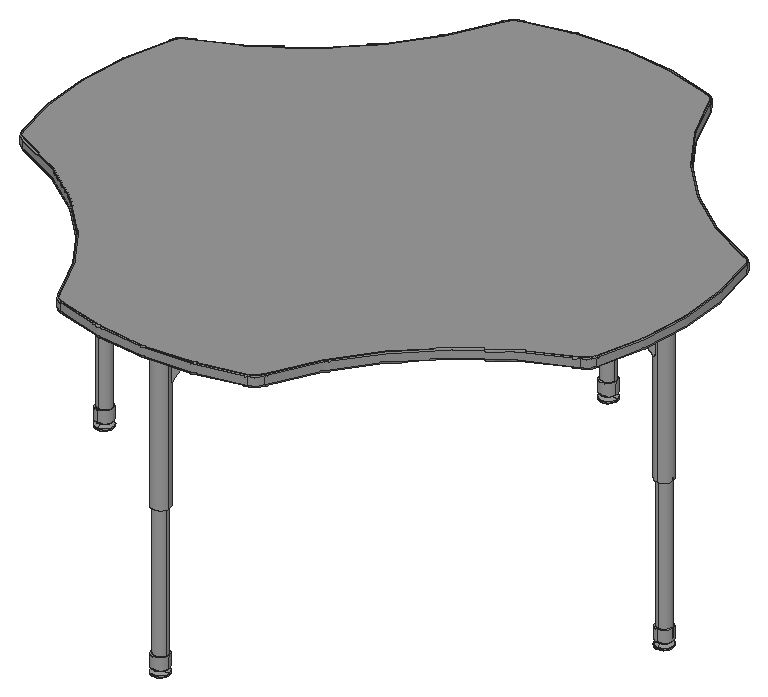
Revit family "Hierarchy Activity 60in Clover Table", category Furniture, Revit 2018
Family settings
  Work Plane-Based = No
  Always vertical = Yes
  Cut with Voids When Loaded = No
  Shared = No
  Room Calculation Point = No
Parameters
  Table Height = 2' - 5"
  Surface = Hierarchy Activity 60" Clover Table Surface
  Leg Finish = Hierarchy Leg Platinum
  Edgeband = Hierarchy Activity 60" Clover Table Edgeband
  Caster/Glide = Hierarchy Leg - Glide : Hierarchy Leg - Glide
Reference planes (in)
  plane 1 "Center (Front/Back)": y = 0
  plane 2: z = 0
  plane 3 "Center (Left/Right)": x = 0
  plane 4: z = 29
Dimensions and locks (in)
  "Table Height": plane 4 to level
  aligned and locked: plane 2 to level
  aligned and locked: nested 1 to plane 4
Nested families (in)
  nested 1: "Activity 60x60 Clover Tabletop" at (-0.44234, -0.13561, 5.075), type "Activity 60x60 Clover Tabletop"
  nested 2: "Hierarchy Leg - Glide" at (0, 27.75, 0), Leg Height <- "Table Height", type <- "Caster/Glide", Leg Finish <- "Leg Finish", type "Hierarchy Leg - Glide"
  nested 3: "Hierarchy Leg - Glide" at (27.75, 0, 0) x (0, -1, 0) z (0, 0, 1), Leg Height <- "Table Height", Leg Finish <- "Leg Finish", type "Hierarchy Leg - Glide"
    with Leg Height 2' - 5", Leg Finish Hierarchy Leg Platinum
  nested 4: "Hierarchy Leg - Glide" at (0, -27.75, 0) x (-1, 0, 0) z (0, 0, 1), Leg Height <- "Table Height", Leg Finish <- "Leg Finish", type "Hierarchy Leg - Glide"
    with Leg Height 2' - 5", Leg Finish Hierarchy Leg Platinum
  nested 5: "Hierarchy Leg - Glide" at (-27.75, 0, 0) x (0, 1, 0) z (0, 0, 1), Leg Height <- "Table Height", type <- "Caster/Glide", Leg Finish <- "Leg Finish", type "Hierarchy Leg - Glide"
Definition of nested family "Activity 60x60 Clover Tabletop"
  Parameters (values of type "Activity 60x60 Clover Tabletop")
    Surface = none
    Edgeband = none
  Reference planes (in)
    plane 1 "Center (Front/Back)": y = 0
    plane 2: z = 0
    plane 3 "Center (Left/Right)": x = 0
  Forms (in)
    Extrusion 1, solid, material <- "Surface"
      sketch origin (0, 0, 0) x (1, 0, 0) y (0, 1, 0)
        loop
          arc (-9.68805, 27.7213) -> (-16.5452, 17.12316) -> (-27.14335, 10.266) r 30.118
          arc (-27.14335, 10.266) -> (-27.6527, 9.92774) -> (-27.96622, 9.4028) r 1.38188
          arc (-27.96622, 9.4028) -> (-29.43954, 0.13561) -> (-27.96622, -9.13158) r 29.88216
          arc (-27.96622, -9.13158) -> (-27.65269, -9.65652) -> (-27.14334, -9.99478) r 1.38188
          arc (-27.14334, -9.99478) -> (-16.54518, -16.85191) -> (-9.68805, -27.45007) r 30.11769
          arc (-9.68805, -27.45007) -> (-9.34979, -27.95942) -> (-8.82485, -28.27295) r 1.38188
          arc (-8.82485, -28.27295) -> (0.44234, -29.74626) -> (9.70953, -28.27295) r 29.88226
          arc (9.70953, -28.27295) -> (10.23447, -27.95943) -> (10.57273, -27.45008) r 1.38187
          arc (10.57273, -27.45008) -> (17.42987, -16.85192) -> (28.02803, -9.99478) r 30.11779
          arc (28.02803, -9.99478) -> (28.53738, -9.65652) -> (28.85091, -9.13158) r 1.38188
          arc (28.85091, -9.13158) -> (30.32422, 0.13561) -> (28.85091, 9.4028) r 29.88214
          arc (28.85091, 9.4028) -> (28.53738, 9.92774) -> (28.02803, 10.266) r 1.38188
          arc (28.02803, 10.266) -> (17.42987, 17.12314) -> (10.57273, 27.7213) r 30.11785
          arc (10.57273, 27.7213) -> (10.23447, 28.23065) -> (9.70953, 28.54418) r 1.38188
          arc (9.70953, 28.54418) -> (0.44234, 30.01749) -> (-8.82485, 28.54418) r 29.88208
          arc (-8.82485, 28.54418) -> (-9.34979, 28.23065) -> (-9.68805, 27.7213) r 1.38189
      from 23.925 to 24.925
    Sweep 2, solid, material <- "Edgeband"
      path origin (0, 0, 0) x (1, 0, 0) y (0, 1, 0)
        loop
          arc (9.70953, 28.54418) -> (0.44234, 30.01749) -> (-8.82485, 28.54418) r 29.88208
          arc (-8.82485, 28.54418) -> (-9.34979, 28.23065) -> (-9.68805, 27.7213) r 1.38189
          arc (-9.68805, 27.7213) -> (-16.5452, 17.12316) -> (-27.14335, 10.266) r 30.118
          arc (-27.14335, 10.266) -> (-27.6527, 9.92774) -> (-27.96622, 9.4028) r 1.38188
          arc (-27.96622, 9.4028) -> (-29.43954, 0.13561) -> (-27.96622, -9.13158) r 29.88216
          arc (-27.96622, -9.13158) -> (-27.65269, -9.65652) -> (-27.14334, -9.99478) r 1.38188
          arc (-27.14334, -9.99478) -> (-16.54518, -16.85191) -> (-9.68805, -27.45007) r 30.11769
          arc (-9.68805, -27.45007) -> (-9.34979, -27.95942) -> (-8.82485, -28.27295) r 1.38188
          arc (-8.82485, -28.27295) -> (0.44234, -29.74626) -> (9.70953, -28.27295) r 29.88226
          arc (9.70953, -28.27295) -> (10.23447, -27.95943) -> (10.57273, -27.45008) r 1.38187
          arc (10.57273, -27.45008) -> (17.42987, -16.85192) -> (28.02803, -9.99478) r 30.11779
          arc (28.02803, -9.99478) -> (28.53738, -9.65652) -> (28.85091, -9.13158) r 1.38188
          arc (28.85091, -9.13158) -> (30.32422, 0.13561) -> (28.85091, 9.4028) r 29.88214
          arc (28.85091, 9.4028) -> (28.53738, 9.92774) -> (28.02803, 10.266) r 1.38188
          arc (28.02803, 10.266) -> (17.42987, 17.12314) -> (10.57273, 27.7213) r 30.11785
          arc (10.57273, 27.7213) -> (10.23447, 28.23065) -> (9.70953, 28.54418) r 1.38188
      profile origin (0.44234, 30.01749, 0) x (0, -1, 0) y (0, 0, 1)
        loop
          arc (0, 24.92501) -> (-0.08352, 24.89041) -> (-0.11812, 24.80689) r 0.11812
          line (-0.11812, 24.80689) -> (-0.11812, 24.04311)
          arc (-0.11812, 24.04311) -> (-0.08352, 23.95959) -> (0, 23.92499) r 0.11812
          line (0, 23.92499) -> (0, 24.92501)
  Dimensions and locks (in)
    aligned and locked: plane 2 to level
Definition of nested family "Hierarchy Leg - Glide"
  Parameters (values of type "Hierarchy Leg - Glide")
    Leg Finish [instance] = none
    Leg Height [instance] = 2' - 5"
  Reference planes (in)
    plane 1 "Center (Front/Back)": y = 0
    plane 2: z = 0
    plane 3 "Center (Left/Right)": x = 0
  Forms (in)
    Extrusion 1, solid
      sketch origin (-0.01562, 0, 0) x (1, 0, 0) y (0, 1, 0)
        loop
          circle (0.01563, 0) r 0.67016
      from 0.67618 to 16.17618
    Revolve 2, solid
      sketch origin (0, 0, 0) x (1, 0, 0) y (0, 0, 1)
        loop
          line (-0.73189, 1.80118) -> (-0.79439, 1.73867) -> (-0.79439, 0.61381) -> (-0.73176, 0.55118) -> (-0.125, 0.55118) -> (-0.125, 0.42618) -> (-0.84656, 0.16241) -> (-0.84656, 0.08994) -> (-0.81359, 0) -> (0, 0) -> (0, 1.80118) -> (-0.73189, 1.80118)
        axis (0, 1.80118) -> (0, 0)
      angle from 0 to 360
  Dimensions and locks (in)
    "Leg Height": nested 1 to level
    aligned and locked: plane 2 to level
  Automatic sketch dimensions
    plane 1 "Center (Front/Back)" to Extrusion 1 sketch curve = 0' - 0"
    Extrusion 1 sketch curve to plane 3 "Center (Left/Right)" = 0' - 0"
    Revolve 2 sketch curve to level = 0' - 0"
    Revolve 2 sketch curve to plane 3 "Center (Left/Right)" = 0' - 0"  (x2)
    Revolve 2 sketch curve to plane 3 "Center (Left/Right)" = 0' - 0 1/8"
    Revolve 2 sketch curve to Revolve 2 sketch curve = 0' - 0.60676"
    Revolve 2 sketch curve to Revolve 2 sketch curve = 0' - 0.73189"
    Revolve 2 sketch curve to Revolve 2 sketch curve = 0' - 0.06263"  (x2)
    Revolve 2 sketch curve to Revolve 2 sketch curve = 0' - 0.08183"
    Revolve 2 sketch curve to Revolve 2 sketch curve = 0' - 0.03297"
    level to Revolve 2 sketch curve = 0' - 0.08994"
    Revolve 2 sketch curve to Revolve 2 sketch curve = 0' - 0.07247"
    level to Revolve 2 sketch curve = 0' - 0.42618"
    Revolve 2 sketch curve to Revolve 2 sketch curve = 0' - 0 1/8"
    Revolve 2 sketch curve to Revolve 2 sketch curve = 0' - 1.12486"
    Revolve 2 sketch curve to Revolve 2 sketch curve = 0' - 0 1/16"
    Revolve 2 sketch curve to level = 2' - 0"
    Revolve 2 sketch curve to Revolve 2 sketch curve = 8' - 4.91764"
    radius of Extrusion 1 sketch curve = 0' - 0.67016"
  Nested families (in)
    nested 1: "Hierarchy Upper Leg 2023" at (0, 0, 1.19783), Shapes Leg Finish <- "Leg Finish", type "Hierarchy Upper Leg 2023"
      with Shapes Leg Finish none
  Definition of nested family "Hierarchy Upper Leg 2023"
    Parameters (values of type "Hierarchy Upper Leg 2023")
      Shapes Leg Finish [instance] = none
    Reference planes (in)
      plane 1 "Center (Front/Back)": y = 0
      plane 2: z = 0
      plane 3 "Center (Left/Right)": x = 0
    Forms (in)
      Extrusion 1, solid, material <- "Shapes Leg Finish"
        sketch origin (0, 0, 0) x (1, 0, 0) y (0, 1, 0)
          loop
            circle (0, 0) r 0.84802
        from 13.67618 to 27.67618
      Extrusion 2, solid, material <- "Shapes Leg Finish"
        sketch origin (0, 0, 0) x (1, 0, 0) y (0, 1, 0)
          loop
            line (-1.70174, 0.19183) -> (-2.88626, -2.26116)
            arc (-2.88626, -2.26116) -> (-2.83993, -3.09822) -> (-2.1063, -3.50394) r 0.86614
            line (-2.1063, -3.50394) -> (2.1063, -3.50394)
            arc (2.1063, -3.50394) -> (2.83993, -3.09822) -> (2.88626, -2.26116) r 0.86614
            line (2.88626, -2.26116) -> (1.70174, 0.19183)
            arc (1.70174, 0.19183) -> (0, 1.25984) -> (-1.70174, 0.19183) r 1.88976
        from 27.67618 to 27.80217
      Extrusion 3, solid, material <- "Shapes Leg Finish"
        sketch origin (-1.48519, 8.66524, 0) x (-0.434844, 0.900506, 0) y (0, 0, 1)
          loop
            line (-9.01425, 27.67618) -> (-11.80952, 27.67618)
            arc (-11.80952, 27.67618) -> (-11.92325, 27.58993) -> (-11.87088, 27.45715) r 0.11811
            arc (-11.87088, 27.45715) -> (-10.39364, 26.29679) -> (-9.23328, 24.81955) r 7.87402
            arc (-9.23328, 24.81955) -> (-9.1005, 24.76717) -> (-9.01425, 24.88091) r 0.11811
            line (-9.01425, 24.88091) -> (-9.01425, 27.67618)
        from -1.94075 to -1.81476
      Extrusion 4, solid, material <- "Shapes Leg Finish"
        sketch origin (1.48519, 8.66524, 0) x (0.434844, 0.900506, 0) y (0, 0, -1)
          loop
            line (-9.01425, -27.67618) -> (-9.01425, -24.88091)
            arc (-9.01425, -24.88091) -> (-9.1005, -24.76717) -> (-9.23328, -24.81955) r 0.11811
            arc (-9.23328, -24.81955) -> (-10.39364, -26.29679) -> (-11.87088, -27.45715) r 7.87402
            arc (-11.87088, -27.45715) -> (-11.92325, -27.58993) -> (-11.80952, -27.67618) r 0.11811
            line (-11.80952, -27.67618) -> (-9.01425, -27.67618)
        from -1.94075 to -1.81476
    Dimensions and locks (in)
      aligned and locked: plane 2 to level
